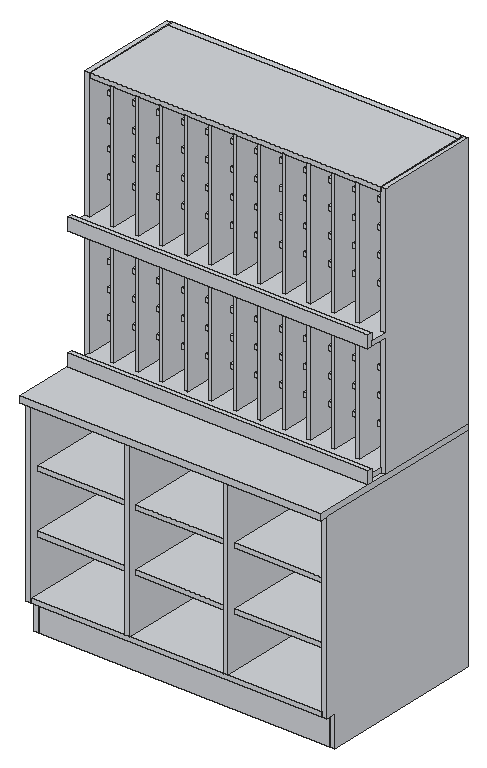
Revit family "CAB0794", category Specialty Equipment, Revit 2017
Family settings
  Round Connector Dimension = Use Diameter
  Part Type = Normal
  Work Plane-Based = No
  Always vertical = Yes
  Cut with Voids When Loaded = No
  Shared = No
  Room Calculation Point = No
Parameters
  WIDTH = 49"
  WEIGHT = 0.00 lbf
  WEGMANS UNIVERSAL UNIQUE ID [instance] = ""
  UNIFORMAT NUMBER = ""
  Type Comments = ""
  TOP UPPER [instance] = none
  TOP LOWER [instance] = none
  SIDE SECONDARY [instance] = none
  SIDE PRIMARY [instance] = none
  SERIAL NUMBER [instance] = ""
  E CODE ROTATED [instance] = no
  ROOM NAME [instance] = ""
  REPLACEMENT E CODE = ""
  RELOCATED [instance] = no
  REAR INTERIOR [instance] = none
  REAR [instance] = none
  PURCHASE QUANTITY = 1
  PULL [instance] = none
  PROCUREMENT METHOD = ""
  PREVENTITIVE MAINTENANCE SCHEDULE [instance] = ""
  PREFERRED SUPPLIER = ""
  PO NUMBER [instance] = 0
  PO DUE DATE [instance] = ""
  PART SECONDARY COMMODITY CODE DESCRIPTION = ""
  PART SECONDARY COMMODITY CODE = ""
  PART CLASS DESCRIPTION = ""
  ORDERING STATUS [instance] = ""
  OEM DOCUMENTATION [instance] = ""
  E CODE NOT ROTATED [instance] = not(E CODE ROTATED)  # yes
  Model = ""
  Material Finish = none
  Manufacturer = "CMS"
  MODEL NUMBER = ""
  MATERIAL [instance] = none
  MASTERFORMAT NUMBER = ""
  MANUFACTURER'S PART DESCRIPTION = ""
  MANUFACTURER = ""
  LABEL OFFSET 2 [instance] = 50"
  LABEL OFFSET [instance] = 50"
  KICK [instance] = none
  ITEM WARRANTY [instance] = ""
  IMAGES = ""
  HEIGHT = 78"
  FRONT SECONDARY [instance] = none
  FRONT PRIMARY [instance] = none
  FRONT INTERIOR [instance] = none
  FLOOR [instance] = ""
  FINISHES SPECIFICATION REQUIRED = yes
  FINISH NAME [instance] = ""
  FINISH DESCRIPTION [instance] = ""
  EXPECTED DELIVERY DATE [instance] = ""
  EQUIPMENT TRANSFER NOTES [instance] = ""
  EQUIPMENT TRANSFER [instance] = no
  EQUIPMENT CATEGORY = ""
  EQUIPMENT (ASSET) CLASS = ""
  EAM PART NUMBER = ""
  E CODE = ""
  Description = ""
  DISCONTINUED INDICATOR = no
  DISCONTINUATION REASON = ""
  DEPTH = 30"
  DEPARTMENT NUMBER [instance] = ""
  DEPARTMENT DESCRIPTION [instance] = ""
  CUT SHEETS = ""
  CURRENT COST [instance] = 0
  COUNT = 0
  COST CODE [instance] = ""
  CONSTRUCTION GROUP = ""
  COMMNETS [instance] = ""
  BUMPER [instance] = none
  BOOT [instance] = none
  ASSET TAG NUMBER [instance] = ""
  ACCESSORY SPECIFICATION REQUIRED = no
Reference planes (in)
  plane 1 "Center (Front/Back)": y = 0
  plane 2: z = 0
  plane 3 "Center (Left/Right)": x = 0
  plane 4: x = -24.5
  plane 5: x = 24.5
  plane 6 "FRONT": y = -15
  plane 7 "BACK": y = 15
  plane 8: z = 78
  plane 9: x = -50
  plane 10: y = 50
  plane 11: x = 0
  plane 12: y = 0
  plane 13: z = 5.75
  plane 14: x = -23.75
  plane 15: x = -23
  plane 16: z = 58.25
  plane 17: z = 56.25
  plane 18: z = 37.75
  plane 19: z = 35.75
  plane 20: z = 34.75
  plane 21: y = -1.75
  plane 22: y = -5.25
  plane 23: y = -4.5
Forms (in)
  Extrusion 1, solid
    sketch origin (0, 0, 0) x (0, 1, 0) y (0, 0, 1)
      loop
        line (15, 36.25) -> (15, 78) -> (-1.75, 78) -> (-1.75, 36.25) -> (15, 36.25)
    from -24.5 to -23.75
  Extrusion 2, solid
    sketch origin (0, 0, 0) x (0, 1, 0) y (0, 0, 1)
      loop
        line (15, 36.25) -> (-15, 36.25) -> (-15, 35.25) -> (15, 35.25) -> (15, 36.25)
    from -24.5 to 24.5
  Extrusion 3, solid
    sketch origin (0, 0, 0) x (0, 1, 0) y (0, 0, 1)
      loop
        line (15, 35.25) -> (-13.75, 35.25) -> (-13.75, 5.75) -> (-12.14744, 5.75) -> (-12.14744, 0.75) -> (15, 0.75) -> (15, 35.25)
    from -24.5 to -23.75
  Extrusion 4, solid
    sketch origin (0, 0, 0) x (0, 1, 0) y (0, 0, 1)
      loop
        line (-4.5, 36.25) -> (-4.5, 38.25) -> (-5.25, 38.25) -> (-5.25, 36.25) -> (-4.5, 36.25)
    from -24.5 to 24.5
  Extrusion 5, solid
    sketch origin (0, 0, -0.33499) x (0, 1, 0) y (0, 0, 1)
      loop
        line (-4.5, 36.58499) -> (15, 36.58499) -> (15, 37.33499) -> (-4.5, 37.33499) -> (-4.5, 36.58499)
    from -23.75 to 23.75
  Extrusion 6, solid
    sketch origin (0, 0, 0) x (0, 1, 0) y (0, 0, 1)
      loop
        line (15, 78) -> (14.25, 78) -> (14.25, 36.25) -> (15, 36.25) -> (15, 78)
    from -23.75 to 23.75
  Extrusion 7, solid
    sketch origin (0, 0, 0) x (0, 1, 0) y (0, 0, 1)
      loop
        line (14.25, 78) -> (-1.75, 78) -> (-1.75, 77.25) -> (14.25, 77.25) -> (14.25, 78)
    from -23.75 to 23.75
  Extrusion 8, solid
    sketch origin (0, 0, 0) x (0, 1, 0) y (0, 0, 1)
      loop
        line (14.25, 73.9) -> (1.75, 73.9) -> (1.75, 73.15) -> (14.25, 73.15) -> (14.25, 73.9)
      loop
        line (1.75, 69.8) -> (1.75, 69.05) -> (14.25, 69.05) -> (14.25, 69.8) -> (1.75, 69.8)
      loop
        line (1.75, 65.7) -> (1.75, 64.95) -> (14.25, 64.95) -> (14.25, 65.7) -> (1.75, 65.7)
      loop
        line (1.75, 61.6) -> (1.75, 60.85) -> (14.25, 60.85) -> (14.25, 61.6) -> (1.75, 61.6)
      loop
        line (1.75, 53.4) -> (1.75, 52.65) -> (14.25, 52.65) -> (14.25, 53.4) -> (1.75, 53.4)
      loop
        line (1.75, 49.3) -> (1.75, 48.55) -> (14.25, 48.55) -> (14.25, 49.3) -> (1.75, 49.3)
      loop
        line (1.75, 45.2) -> (1.75, 44.45) -> (14.25, 44.45) -> (14.25, 45.2) -> (1.75, 45.2)
      loop
        line (1.75, 41.1) -> (1.75, 40.35) -> (14.25, 40.35) -> (14.25, 41.1) -> (1.75, 41.1)
    from -23.75 to -23
  Extrusion 9, solid
    sketch origin (0, 0, 0) x (0, 1, 0) y (0, 0, 1)
      loop
        line (15, 35.25) -> (14.25, 35.25) -> (14.25, 0.75) -> (15, 0.75) -> (15, 35.25)
    from -23.75 to 23.75
  Extrusion 10, solid
    sketch origin (0, 0, 0) x (0, 1, 0) y (0, 0, 1)
      loop
        line (-13.75, 5.75) -> (14.25, 5.75) -> (14.25, 6.5) -> (-13.75, 6.5) -> (-13.75, 5.75)
    from -23.75 to 23.75
  Extrusion 11, solid
    sketch origin (0, 0, 0) x (0, 1, 0) y (0, 0, 1)
      loop
        line (-4.5, 56.13795) -> (14.25, 56.13795) -> (14.25, 56.88795) -> (-4.5, 56.88795) -> (-4.5, 56.13795)
    from -24.5 to 24.5
  Extrusion 12, solid
    sketch origin (0, 0, 0) x (1, 0, 0) y (0, 0, 1)
      loop
        line (-20.25, 77.25) -> (-20.25, 56.88795) -> (-19.75, 56.88795) -> (-19.75, 77.25) -> (-20.25, 77.25)
      loop
        line (-16.25, 77.25) -> (-16.25, 56.88795) -> (-15.75, 56.88795) -> (-15.75, 77.25) -> (-16.25, 77.25)
      loop
        line (-12.25, 77.25) -> (-12.25, 56.88795) -> (-11.75, 56.88795) -> (-11.75, 77.25) -> (-12.25, 77.25)
      loop
        line (3.75, 77.25) -> (3.75, 56.88795) -> (4.25, 56.88795) -> (4.25, 77.25) -> (3.75, 77.25)
      loop
        line (7.75, 77.25) -> (7.75, 56.88795) -> (8.25, 56.88795) -> (8.25, 77.25) -> (7.75, 77.25)
      loop
        line (11.75, 77.25) -> (11.75, 56.88795) -> (12.25, 56.88795) -> (12.25, 77.25) -> (11.75, 77.25)
      loop
        line (15.75, 77.25) -> (15.75, 56.88795) -> (16.25, 56.88795) -> (16.25, 77.25) -> (15.75, 77.25)
      loop
        line (19.75, 77.25) -> (19.75, 56.88795) -> (20.25, 56.88795) -> (20.25, 77.25) -> (19.75, 77.25)
      loop
        line (-20.25, 56.13795) -> (-20.25, 37) -> (-19.75, 37) -> (-19.75, 56.13795) -> (-20.25, 56.13795)
      loop
        line (-16.25, 56.13795) -> (-16.25, 37) -> (-15.75, 37) -> (-15.75, 56.13795) -> (-16.25, 56.13795)
      loop
        line (-12.25, 56.13795) -> (-12.25, 37) -> (-11.75, 37) -> (-11.75, 56.13795) -> (-12.25, 56.13795)
      loop
        line (3.75, 56.13795) -> (3.75, 37) -> (4.25, 37) -> (4.25, 56.13795) -> (3.75, 56.13795)
      loop
        line (7.75, 56.13795) -> (7.75, 37) -> (8.25, 37) -> (8.25, 56.13795) -> (7.75, 56.13795)
      loop
        line (11.75, 56.13795) -> (11.75, 37) -> (12.25, 37) -> (12.25, 56.13795) -> (11.75, 56.13795)
      loop
        line (15.75, 56.13795) -> (15.75, 37) -> (16.25, 37) -> (16.25, 56.13795) -> (15.75, 56.13795)
      loop
        line (19.75, 56.13795) -> (19.75, 37) -> (20.25, 37) -> (20.25, 56.13795) -> (19.75, 56.13795)
      loop
        line (-8.25, 77.25) -> (-8.25, 56.88795) -> (-7.75, 56.88795) -> (-7.75, 77.25) -> (-8.25, 77.25)
      loop
        line (-8.25, 56.13795) -> (-8.25, 37) -> (-7.75, 37) -> (-7.75, 56.13795) -> (-8.25, 56.13795)
      loop
        line (-4.25, 77.25) -> (-4.25, 56.88795) -> (-3.75, 56.88795) -> (-3.75, 77.25) -> (-4.25, 77.25)
      loop
        line (-4.25, 56.13795) -> (-4.25, 37) -> (-3.75, 37) -> (-3.75, 56.13795) -> (-4.25, 56.13795)
      loop
        line (-0.25, 77.25) -> (-0.25, 56.88795) -> (0.25, 56.88795) -> (0.25, 77.25) -> (-0.25, 77.25)
      loop
        line (-0.25, 56.13795) -> (-0.25, 37) -> (0.25, 37) -> (0.25, 56.13795) -> (-0.25, 56.13795)
    from -14.25 to 1.75
  Extrusion 13, solid
    sketch origin (0, 0, 0) x (0, 1, 0) y (0, 0, -1)
      loop
        line (15, -36.25) -> (-1.75, -36.25) -> (-1.75, -78) -> (15, -78) -> (15, -36.25)
    from -24.5 to -23.75
  Extrusion 14, solid
    sketch origin (2.75, 0, 0) x (0, 1, 0) y (0, 0, 1)
      loop
        line (14.25, 73.9) -> (1.75, 73.9) -> (1.75, 73.15) -> (14.25, 73.15) -> (14.25, 73.9)
      loop
        line (1.75, 69.8) -> (1.75, 69.05) -> (14.25, 69.05) -> (14.25, 69.8) -> (1.75, 69.8)
      loop
        line (1.75, 65.7) -> (1.75, 64.95) -> (14.25, 64.95) -> (14.25, 65.7) -> (1.75, 65.7)
      loop
        line (1.75, 61.6) -> (1.75, 60.85) -> (14.25, 60.85) -> (14.25, 61.6) -> (1.75, 61.6)
      loop
        line (1.75, 53.4) -> (1.75, 52.65) -> (14.25, 52.65) -> (14.25, 53.4) -> (1.75, 53.4)
      loop
        line (1.75, 49.3) -> (1.75, 48.55) -> (14.25, 48.55) -> (14.25, 49.3) -> (1.75, 49.3)
      loop
        line (1.75, 45.2) -> (1.75, 44.45) -> (14.25, 44.45) -> (14.25, 45.2) -> (1.75, 45.2)
      loop
        line (1.75, 41.1) -> (1.75, 40.35) -> (14.25, 40.35) -> (14.25, 41.1) -> (1.75, 41.1)
    from -23.75 to -23
  Extrusion 15, solid
    sketch origin (4, 0, 0) x (0, 1, 0) y (0, 0, 1)
      loop
        line (14.25, 73.9) -> (1.75, 73.9) -> (1.75, 73.15) -> (14.25, 73.15) -> (14.25, 73.9)
      loop
        line (1.75, 69.8) -> (1.75, 69.05) -> (14.25, 69.05) -> (14.25, 69.8) -> (1.75, 69.8)
      loop
        line (1.75, 65.7) -> (1.75, 64.95) -> (14.25, 64.95) -> (14.25, 65.7) -> (1.75, 65.7)
      loop
        line (1.75, 61.6) -> (1.75, 60.85) -> (14.25, 60.85) -> (14.25, 61.6) -> (1.75, 61.6)
      loop
        line (1.75, 53.4) -> (1.75, 52.65) -> (14.25, 52.65) -> (14.25, 53.4) -> (1.75, 53.4)
      loop
        line (1.75, 49.3) -> (1.75, 48.55) -> (14.25, 48.55) -> (14.25, 49.3) -> (1.75, 49.3)
      loop
        line (1.75, 45.2) -> (1.75, 44.45) -> (14.25, 44.45) -> (14.25, 45.2) -> (1.75, 45.2)
      loop
        line (1.75, 41.1) -> (1.75, 40.35) -> (14.25, 40.35) -> (14.25, 41.1) -> (1.75, 41.1)
    from -23.75 to -23
  Extrusion 16, solid
    sketch origin (6.75, 0, 0) x (0, 1, 0) y (0, 0, 1)
      loop
        line (14.25, 73.9) -> (1.75, 73.9) -> (1.75, 73.15) -> (14.25, 73.15) -> (14.25, 73.9)
      loop
        line (1.75, 69.8) -> (1.75, 69.05) -> (14.25, 69.05) -> (14.25, 69.8) -> (1.75, 69.8)
      loop
        line (1.75, 65.7) -> (1.75, 64.95) -> (14.25, 64.95) -> (14.25, 65.7) -> (1.75, 65.7)
      loop
        line (1.75, 61.6) -> (1.75, 60.85) -> (14.25, 60.85) -> (14.25, 61.6) -> (1.75, 61.6)
      loop
        line (1.75, 53.4) -> (1.75, 52.65) -> (14.25, 52.65) -> (14.25, 53.4) -> (1.75, 53.4)
      loop
        line (1.75, 49.3) -> (1.75, 48.55) -> (14.25, 48.55) -> (14.25, 49.3) -> (1.75, 49.3)
      loop
        line (1.75, 45.2) -> (1.75, 44.45) -> (14.25, 44.45) -> (14.25, 45.2) -> (1.75, 45.2)
      loop
        line (1.75, 41.1) -> (1.75, 40.35) -> (14.25, 40.35) -> (14.25, 41.1) -> (1.75, 41.1)
    from -23.75 to -23
  Extrusion 17, solid
    sketch origin (8, 0, 0) x (0, 1, 0) y (0, 0, 1)
      loop
        line (14.25, 73.9) -> (1.75, 73.9) -> (1.75, 73.15) -> (14.25, 73.15) -> (14.25, 73.9)
      loop
        line (1.75, 69.8) -> (1.75, 69.05) -> (14.25, 69.05) -> (14.25, 69.8) -> (1.75, 69.8)
      loop
        line (1.75, 65.7) -> (1.75, 64.95) -> (14.25, 64.95) -> (14.25, 65.7) -> (1.75, 65.7)
      loop
        line (1.75, 61.6) -> (1.75, 60.85) -> (14.25, 60.85) -> (14.25, 61.6) -> (1.75, 61.6)
      loop
        line (1.75, 53.4) -> (1.75, 52.65) -> (14.25, 52.65) -> (14.25, 53.4) -> (1.75, 53.4)
      loop
        line (1.75, 49.3) -> (1.75, 48.55) -> (14.25, 48.55) -> (14.25, 49.3) -> (1.75, 49.3)
      loop
        line (1.75, 45.2) -> (1.75, 44.45) -> (14.25, 44.45) -> (14.25, 45.2) -> (1.75, 45.2)
      loop
        line (1.75, 41.1) -> (1.75, 40.35) -> (14.25, 40.35) -> (14.25, 41.1) -> (1.75, 41.1)
    from -23.75 to -23
  Extrusion 18, solid
    sketch origin (10.75, 0, 0) x (0, 1, 0) y (0, 0, 1)
      loop
        line (14.25, 73.9) -> (1.75, 73.9) -> (1.75, 73.15) -> (14.25, 73.15) -> (14.25, 73.9)
      loop
        line (1.75, 69.8) -> (1.75, 69.05) -> (14.25, 69.05) -> (14.25, 69.8) -> (1.75, 69.8)
      loop
        line (1.75, 65.7) -> (1.75, 64.95) -> (14.25, 64.95) -> (14.25, 65.7) -> (1.75, 65.7)
      loop
        line (1.75, 61.6) -> (1.75, 60.85) -> (14.25, 60.85) -> (14.25, 61.6) -> (1.75, 61.6)
      loop
        line (1.75, 53.4) -> (1.75, 52.65) -> (14.25, 52.65) -> (14.25, 53.4) -> (1.75, 53.4)
      loop
        line (1.75, 49.3) -> (1.75, 48.55) -> (14.25, 48.55) -> (14.25, 49.3) -> (1.75, 49.3)
      loop
        line (1.75, 45.2) -> (1.75, 44.45) -> (14.25, 44.45) -> (14.25, 45.2) -> (1.75, 45.2)
      loop
        line (1.75, 41.1) -> (1.75, 40.35) -> (14.25, 40.35) -> (14.25, 41.1) -> (1.75, 41.1)
    from -23.75 to -23
  Extrusion 19, solid
    sketch origin (12, 0, 0) x (0, 1, 0) y (0, 0, 1)
      loop
        line (14.25, 73.9) -> (1.75, 73.9) -> (1.75, 73.15) -> (14.25, 73.15) -> (14.25, 73.9)
      loop
        line (1.75, 69.8) -> (1.75, 69.05) -> (14.25, 69.05) -> (14.25, 69.8) -> (1.75, 69.8)
      loop
        line (1.75, 65.7) -> (1.75, 64.95) -> (14.25, 64.95) -> (14.25, 65.7) -> (1.75, 65.7)
      loop
        line (1.75, 61.6) -> (1.75, 60.85) -> (14.25, 60.85) -> (14.25, 61.6) -> (1.75, 61.6)
      loop
        line (1.75, 53.4) -> (1.75, 52.65) -> (14.25, 52.65) -> (14.25, 53.4) -> (1.75, 53.4)
      loop
        line (1.75, 49.3) -> (1.75, 48.55) -> (14.25, 48.55) -> (14.25, 49.3) -> (1.75, 49.3)
      loop
        line (1.75, 45.2) -> (1.75, 44.45) -> (14.25, 44.45) -> (14.25, 45.2) -> (1.75, 45.2)
      loop
        line (1.75, 41.1) -> (1.75, 40.35) -> (14.25, 40.35) -> (14.25, 41.1) -> (1.75, 41.1)
    from -23.75 to -23
  Extrusion 20, solid
    sketch origin (14.75, 0, 0) x (0, 1, 0) y (0, 0, 1)
      loop
        line (14.25, 73.9) -> (1.75, 73.9) -> (1.75, 73.15) -> (14.25, 73.15) -> (14.25, 73.9)
      loop
        line (1.75, 69.8) -> (1.75, 69.05) -> (14.25, 69.05) -> (14.25, 69.8) -> (1.75, 69.8)
      loop
        line (1.75, 65.7) -> (1.75, 64.95) -> (14.25, 64.95) -> (14.25, 65.7) -> (1.75, 65.7)
      loop
        line (1.75, 61.6) -> (1.75, 60.85) -> (14.25, 60.85) -> (14.25, 61.6) -> (1.75, 61.6)
      loop
        line (1.75, 53.4) -> (1.75, 52.65) -> (14.25, 52.65) -> (14.25, 53.4) -> (1.75, 53.4)
      loop
        line (1.75, 49.3) -> (1.75, 48.55) -> (14.25, 48.55) -> (14.25, 49.3) -> (1.75, 49.3)
      loop
        line (1.75, 45.2) -> (1.75, 44.45) -> (14.25, 44.45) -> (14.25, 45.2) -> (1.75, 45.2)
      loop
        line (1.75, 41.1) -> (1.75, 40.35) -> (14.25, 40.35) -> (14.25, 41.1) -> (1.75, 41.1)
    from -23.75 to -23
  Extrusion 21, solid
    sketch origin (16, 0, 0) x (0, 1, 0) y (0, 0, 1)
      loop
        line (14.25, 73.9) -> (1.75, 73.9) -> (1.75, 73.15) -> (14.25, 73.15) -> (14.25, 73.9)
      loop
        line (1.75, 69.8) -> (1.75, 69.05) -> (14.25, 69.05) -> (14.25, 69.8) -> (1.75, 69.8)
      loop
        line (1.75, 65.7) -> (1.75, 64.95) -> (14.25, 64.95) -> (14.25, 65.7) -> (1.75, 65.7)
      loop
        line (1.75, 61.6) -> (1.75, 60.85) -> (14.25, 60.85) -> (14.25, 61.6) -> (1.75, 61.6)
      loop
        line (1.75, 53.4) -> (1.75, 52.65) -> (14.25, 52.65) -> (14.25, 53.4) -> (1.75, 53.4)
      loop
        line (1.75, 49.3) -> (1.75, 48.55) -> (14.25, 48.55) -> (14.25, 49.3) -> (1.75, 49.3)
      loop
        line (1.75, 45.2) -> (1.75, 44.45) -> (14.25, 44.45) -> (14.25, 45.2) -> (1.75, 45.2)
      loop
        line (1.75, 41.1) -> (1.75, 40.35) -> (14.25, 40.35) -> (14.25, 41.1) -> (1.75, 41.1)
    from -23.75 to -23
  Extrusion 22, solid
    sketch origin (18.75, 0, 0) x (0, 1, 0) y (0, 0, 1)
      loop
        line (14.25, 73.9) -> (1.75, 73.9) -> (1.75, 73.15) -> (14.25, 73.15) -> (14.25, 73.9)
      loop
        line (1.75, 69.8) -> (1.75, 69.05) -> (14.25, 69.05) -> (14.25, 69.8) -> (1.75, 69.8)
      loop
        line (1.75, 65.7) -> (1.75, 64.95) -> (14.25, 64.95) -> (14.25, 65.7) -> (1.75, 65.7)
      loop
        line (1.75, 61.6) -> (1.75, 60.85) -> (14.25, 60.85) -> (14.25, 61.6) -> (1.75, 61.6)
      loop
        line (1.75, 53.4) -> (1.75, 52.65) -> (14.25, 52.65) -> (14.25, 53.4) -> (1.75, 53.4)
      loop
        line (1.75, 49.3) -> (1.75, 48.55) -> (14.25, 48.55) -> (14.25, 49.3) -> (1.75, 49.3)
      loop
        line (1.75, 45.2) -> (1.75, 44.45) -> (14.25, 44.45) -> (14.25, 45.2) -> (1.75, 45.2)
      loop
        line (1.75, 41.1) -> (1.75, 40.35) -> (14.25, 40.35) -> (14.25, 41.1) -> (1.75, 41.1)
    from -23.75 to -23
  Extrusion 23, solid
    sketch origin (20, 0, 0) x (0, 1, 0) y (0, 0, 1)
      loop
        line (14.25, 73.9) -> (1.75, 73.9) -> (1.75, 73.15) -> (14.25, 73.15) -> (14.25, 73.9)
      loop
        line (1.75, 69.8) -> (1.75, 69.05) -> (14.25, 69.05) -> (14.25, 69.8) -> (1.75, 69.8)
      loop
        line (1.75, 65.7) -> (1.75, 64.95) -> (14.25, 64.95) -> (14.25, 65.7) -> (1.75, 65.7)
      loop
        line (1.75, 61.6) -> (1.75, 60.85) -> (14.25, 60.85) -> (14.25, 61.6) -> (1.75, 61.6)
      loop
        line (1.75, 53.4) -> (1.75, 52.65) -> (14.25, 52.65) -> (14.25, 53.4) -> (1.75, 53.4)
      loop
        line (1.75, 49.3) -> (1.75, 48.55) -> (14.25, 48.55) -> (14.25, 49.3) -> (1.75, 49.3)
      loop
        line (1.75, 45.2) -> (1.75, 44.45) -> (14.25, 44.45) -> (14.25, 45.2) -> (1.75, 45.2)
      loop
        line (1.75, 41.1) -> (1.75, 40.35) -> (14.25, 40.35) -> (14.25, 41.1) -> (1.75, 41.1)
    from -23.75 to -23
  Extrusion 24, solid
    sketch origin (22.75, 0, 0) x (0, 1, 0) y (0, 0, 1)
      loop
        line (14.25, 73.9) -> (1.75, 73.9) -> (1.75, 73.15) -> (14.25, 73.15) -> (14.25, 73.9)
      loop
        line (1.75, 69.8) -> (1.75, 69.05) -> (14.25, 69.05) -> (14.25, 69.8) -> (1.75, 69.8)
      loop
        line (1.75, 65.7) -> (1.75, 64.95) -> (14.25, 64.95) -> (14.25, 65.7) -> (1.75, 65.7)
      loop
        line (1.75, 61.6) -> (1.75, 60.85) -> (14.25, 60.85) -> (14.25, 61.6) -> (1.75, 61.6)
      loop
        line (1.75, 53.4) -> (1.75, 52.65) -> (14.25, 52.65) -> (14.25, 53.4) -> (1.75, 53.4)
      loop
        line (1.75, 49.3) -> (1.75, 48.55) -> (14.25, 48.55) -> (14.25, 49.3) -> (1.75, 49.3)
      loop
        line (1.75, 45.2) -> (1.75, 44.45) -> (14.25, 44.45) -> (14.25, 45.2) -> (1.75, 45.2)
      loop
        line (1.75, 41.1) -> (1.75, 40.35) -> (14.25, 40.35) -> (14.25, 41.1) -> (1.75, 41.1)
    from -23.75 to -23
  Extrusion 25, solid
    sketch origin (24, 0, 0) x (0, 1, 0) y (0, 0, 1)
      loop
        line (14.25, 73.9) -> (1.75, 73.9) -> (1.75, 73.15) -> (14.25, 73.15) -> (14.25, 73.9)
      loop
        line (1.75, 69.8) -> (1.75, 69.05) -> (14.25, 69.05) -> (14.25, 69.8) -> (1.75, 69.8)
      loop
        line (1.75, 65.7) -> (1.75, 64.95) -> (14.25, 64.95) -> (14.25, 65.7) -> (1.75, 65.7)
      loop
        line (1.75, 61.6) -> (1.75, 60.85) -> (14.25, 60.85) -> (14.25, 61.6) -> (1.75, 61.6)
      loop
        line (1.75, 53.4) -> (1.75, 52.65) -> (14.25, 52.65) -> (14.25, 53.4) -> (1.75, 53.4)
      loop
        line (1.75, 49.3) -> (1.75, 48.55) -> (14.25, 48.55) -> (14.25, 49.3) -> (1.75, 49.3)
      loop
        line (1.75, 45.2) -> (1.75, 44.45) -> (14.25, 44.45) -> (14.25, 45.2) -> (1.75, 45.2)
      loop
        line (1.75, 41.1) -> (1.75, 40.35) -> (14.25, 40.35) -> (14.25, 41.1) -> (1.75, 41.1)
    from -23.75 to -23
  Extrusion 26, solid
    sketch origin (26.75, 0, 0) x (0, 1, 0) y (0, 0, 1)
      loop
        line (14.25, 73.9) -> (1.75, 73.9) -> (1.75, 73.15) -> (14.25, 73.15) -> (14.25, 73.9)
      loop
        line (1.75, 69.8) -> (1.75, 69.05) -> (14.25, 69.05) -> (14.25, 69.8) -> (1.75, 69.8)
      loop
        line (1.75, 65.7) -> (1.75, 64.95) -> (14.25, 64.95) -> (14.25, 65.7) -> (1.75, 65.7)
      loop
        line (1.75, 61.6) -> (1.75, 60.85) -> (14.25, 60.85) -> (14.25, 61.6) -> (1.75, 61.6)
      loop
        line (1.75, 53.4) -> (1.75, 52.65) -> (14.25, 52.65) -> (14.25, 53.4) -> (1.75, 53.4)
      loop
        line (1.75, 49.3) -> (1.75, 48.55) -> (14.25, 48.55) -> (14.25, 49.3) -> (1.75, 49.3)
      loop
        line (1.75, 45.2) -> (1.75, 44.45) -> (14.25, 44.45) -> (14.25, 45.2) -> (1.75, 45.2)
      loop
        line (1.75, 41.1) -> (1.75, 40.35) -> (14.25, 40.35) -> (14.25, 41.1) -> (1.75, 41.1)
    from -23.75 to -23
  Extrusion 27, solid
    sketch origin (28, 0, 0) x (0, 1, 0) y (0, 0, 1)
      loop
        line (14.25, 73.9) -> (1.75, 73.9) -> (1.75, 73.15) -> (14.25, 73.15) -> (14.25, 73.9)
      loop
        line (1.75, 69.8) -> (1.75, 69.05) -> (14.25, 69.05) -> (14.25, 69.8) -> (1.75, 69.8)
      loop
        line (1.75, 65.7) -> (1.75, 64.95) -> (14.25, 64.95) -> (14.25, 65.7) -> (1.75, 65.7)
      loop
        line (1.75, 61.6) -> (1.75, 60.85) -> (14.25, 60.85) -> (14.25, 61.6) -> (1.75, 61.6)
      loop
        line (1.75, 53.4) -> (1.75, 52.65) -> (14.25, 52.65) -> (14.25, 53.4) -> (1.75, 53.4)
      loop
        line (1.75, 49.3) -> (1.75, 48.55) -> (14.25, 48.55) -> (14.25, 49.3) -> (1.75, 49.3)
      loop
        line (1.75, 45.2) -> (1.75, 44.45) -> (14.25, 44.45) -> (14.25, 45.2) -> (1.75, 45.2)
      loop
        line (1.75, 41.1) -> (1.75, 40.35) -> (14.25, 40.35) -> (14.25, 41.1) -> (1.75, 41.1)
    from -23.75 to -23
  Extrusion 28, solid
    sketch origin (30.75, 0, 0) x (0, 1, 0) y (0, 0, 1)
      loop
        line (14.25, 73.9) -> (1.75, 73.9) -> (1.75, 73.15) -> (14.25, 73.15) -> (14.25, 73.9)
      loop
        line (1.75, 69.8) -> (1.75, 69.05) -> (14.25, 69.05) -> (14.25, 69.8) -> (1.75, 69.8)
      loop
        line (1.75, 65.7) -> (1.75, 64.95) -> (14.25, 64.95) -> (14.25, 65.7) -> (1.75, 65.7)
      loop
        line (1.75, 61.6) -> (1.75, 60.85) -> (14.25, 60.85) -> (14.25, 61.6) -> (1.75, 61.6)
      loop
        line (1.75, 53.4) -> (1.75, 52.65) -> (14.25, 52.65) -> (14.25, 53.4) -> (1.75, 53.4)
      loop
        line (1.75, 49.3) -> (1.75, 48.55) -> (14.25, 48.55) -> (14.25, 49.3) -> (1.75, 49.3)
      loop
        line (1.75, 45.2) -> (1.75, 44.45) -> (14.25, 44.45) -> (14.25, 45.2) -> (1.75, 45.2)
      loop
        line (1.75, 41.1) -> (1.75, 40.35) -> (14.25, 40.35) -> (14.25, 41.1) -> (1.75, 41.1)
    from -23.75 to -23
  Extrusion 29, solid
    sketch origin (32, 0, 0) x (0, 1, 0) y (0, 0, 1)
      loop
        line (14.25, 73.9) -> (1.75, 73.9) -> (1.75, 73.15) -> (14.25, 73.15) -> (14.25, 73.9)
      loop
        line (1.75, 69.8) -> (1.75, 69.05) -> (14.25, 69.05) -> (14.25, 69.8) -> (1.75, 69.8)
      loop
        line (1.75, 65.7) -> (1.75, 64.95) -> (14.25, 64.95) -> (14.25, 65.7) -> (1.75, 65.7)
      loop
        line (1.75, 61.6) -> (1.75, 60.85) -> (14.25, 60.85) -> (14.25, 61.6) -> (1.75, 61.6)
      loop
        line (1.75, 53.4) -> (1.75, 52.65) -> (14.25, 52.65) -> (14.25, 53.4) -> (1.75, 53.4)
      loop
        line (1.75, 49.3) -> (1.75, 48.55) -> (14.25, 48.55) -> (14.25, 49.3) -> (1.75, 49.3)
      loop
        line (1.75, 45.2) -> (1.75, 44.45) -> (14.25, 44.45) -> (14.25, 45.2) -> (1.75, 45.2)
      loop
        line (1.75, 41.1) -> (1.75, 40.35) -> (14.25, 40.35) -> (14.25, 41.1) -> (1.75, 41.1)
    from -23.75 to -23
  Extrusion 30, solid
    sketch origin (34.75, 0, 0) x (0, 1, 0) y (0, 0, 1)
      loop
        line (14.25, 73.9) -> (1.75, 73.9) -> (1.75, 73.15) -> (14.25, 73.15) -> (14.25, 73.9)
      loop
        line (1.75, 69.8) -> (1.75, 69.05) -> (14.25, 69.05) -> (14.25, 69.8) -> (1.75, 69.8)
      loop
        line (1.75, 65.7) -> (1.75, 64.95) -> (14.25, 64.95) -> (14.25, 65.7) -> (1.75, 65.7)
      loop
        line (1.75, 61.6) -> (1.75, 60.85) -> (14.25, 60.85) -> (14.25, 61.6) -> (1.75, 61.6)
      loop
        line (1.75, 53.4) -> (1.75, 52.65) -> (14.25, 52.65) -> (14.25, 53.4) -> (1.75, 53.4)
      loop
        line (1.75, 49.3) -> (1.75, 48.55) -> (14.25, 48.55) -> (14.25, 49.3) -> (1.75, 49.3)
      loop
        line (1.75, 45.2) -> (1.75, 44.45) -> (14.25, 44.45) -> (14.25, 45.2) -> (1.75, 45.2)
      loop
        line (1.75, 41.1) -> (1.75, 40.35) -> (14.25, 40.35) -> (14.25, 41.1) -> (1.75, 41.1)
    from -23.75 to -23
  Extrusion 31, solid
    sketch origin (36, 0, 0) x (0, 1, 0) y (0, 0, 1)
      loop
        line (14.25, 73.9) -> (1.75, 73.9) -> (1.75, 73.15) -> (14.25, 73.15) -> (14.25, 73.9)
      loop
        line (1.75, 69.8) -> (1.75, 69.05) -> (14.25, 69.05) -> (14.25, 69.8) -> (1.75, 69.8)
      loop
        line (1.75, 65.7) -> (1.75, 64.95) -> (14.25, 64.95) -> (14.25, 65.7) -> (1.75, 65.7)
      loop
        line (1.75, 61.6) -> (1.75, 60.85) -> (14.25, 60.85) -> (14.25, 61.6) -> (1.75, 61.6)
      loop
        line (1.75, 53.4) -> (1.75, 52.65) -> (14.25, 52.65) -> (14.25, 53.4) -> (1.75, 53.4)
      loop
        line (1.75, 49.3) -> (1.75, 48.55) -> (14.25, 48.55) -> (14.25, 49.3) -> (1.75, 49.3)
      loop
        line (1.75, 45.2) -> (1.75, 44.45) -> (14.25, 44.45) -> (14.25, 45.2) -> (1.75, 45.2)
      loop
        line (1.75, 41.1) -> (1.75, 40.35) -> (14.25, 40.35) -> (14.25, 41.1) -> (1.75, 41.1)
    from -23.75 to -23
  Extrusion 32, solid
    sketch origin (38.75, 0, 0) x (0, 1, 0) y (0, 0, 1)
      loop
        line (14.25, 73.9) -> (1.75, 73.9) -> (1.75, 73.15) -> (14.25, 73.15) -> (14.25, 73.9)
      loop
        line (1.75, 69.8) -> (1.75, 69.05) -> (14.25, 69.05) -> (14.25, 69.8) -> (1.75, 69.8)
      loop
        line (1.75, 65.7) -> (1.75, 64.95) -> (14.25, 64.95) -> (14.25, 65.7) -> (1.75, 65.7)
      loop
        line (1.75, 61.6) -> (1.75, 60.85) -> (14.25, 60.85) -> (14.25, 61.6) -> (1.75, 61.6)
      loop
        line (1.75, 53.4) -> (1.75, 52.65) -> (14.25, 52.65) -> (14.25, 53.4) -> (1.75, 53.4)
      loop
        line (1.75, 49.3) -> (1.75, 48.55) -> (14.25, 48.55) -> (14.25, 49.3) -> (1.75, 49.3)
      loop
        line (1.75, 45.2) -> (1.75, 44.45) -> (14.25, 44.45) -> (14.25, 45.2) -> (1.75, 45.2)
      loop
        line (1.75, 41.1) -> (1.75, 40.35) -> (14.25, 40.35) -> (14.25, 41.1) -> (1.75, 41.1)
    from -23.75 to -23
  Extrusion 33, solid
    sketch origin (40, 0, 0) x (0, 1, 0) y (0, 0, 1)
      loop
        line (14.25, 73.9) -> (1.75, 73.9) -> (1.75, 73.15) -> (14.25, 73.15) -> (14.25, 73.9)
      loop
        line (1.75, 69.8) -> (1.75, 69.05) -> (14.25, 69.05) -> (14.25, 69.8) -> (1.75, 69.8)
      loop
        line (1.75, 65.7) -> (1.75, 64.95) -> (14.25, 64.95) -> (14.25, 65.7) -> (1.75, 65.7)
      loop
        line (1.75, 61.6) -> (1.75, 60.85) -> (14.25, 60.85) -> (14.25, 61.6) -> (1.75, 61.6)
      loop
        line (1.75, 53.4) -> (1.75, 52.65) -> (14.25, 52.65) -> (14.25, 53.4) -> (1.75, 53.4)
      loop
        line (1.75, 49.3) -> (1.75, 48.55) -> (14.25, 48.55) -> (14.25, 49.3) -> (1.75, 49.3)
      loop
        line (1.75, 45.2) -> (1.75, 44.45) -> (14.25, 44.45) -> (14.25, 45.2) -> (1.75, 45.2)
      loop
        line (1.75, 41.1) -> (1.75, 40.35) -> (14.25, 40.35) -> (14.25, 41.1) -> (1.75, 41.1)
    from -23.75 to -23
  Extrusion 34, solid
    sketch origin (42.75, 0, 0) x (0, 1, 0) y (0, 0, 1)
      loop
        line (14.25, 73.9) -> (1.75, 73.9) -> (1.75, 73.15) -> (14.25, 73.15) -> (14.25, 73.9)
      loop
        line (1.75, 69.8) -> (1.75, 69.05) -> (14.25, 69.05) -> (14.25, 69.8) -> (1.75, 69.8)
      loop
        line (1.75, 65.7) -> (1.75, 64.95) -> (14.25, 64.95) -> (14.25, 65.7) -> (1.75, 65.7)
      loop
        line (1.75, 61.6) -> (1.75, 60.85) -> (14.25, 60.85) -> (14.25, 61.6) -> (1.75, 61.6)
      loop
        line (1.75, 53.4) -> (1.75, 52.65) -> (14.25, 52.65) -> (14.25, 53.4) -> (1.75, 53.4)
      loop
        line (1.75, 49.3) -> (1.75, 48.55) -> (14.25, 48.55) -> (14.25, 49.3) -> (1.75, 49.3)
      loop
        line (1.75, 45.2) -> (1.75, 44.45) -> (14.25, 44.45) -> (14.25, 45.2) -> (1.75, 45.2)
      loop
        line (1.75, 41.1) -> (1.75, 40.35) -> (14.25, 40.35) -> (14.25, 41.1) -> (1.75, 41.1)
    from -23.75 to -23
  Extrusion 35, solid
    sketch origin (44, 0, 0) x (0, 1, 0) y (0, 0, 1)
      loop
        line (14.25, 73.9) -> (1.75, 73.9) -> (1.75, 73.15) -> (14.25, 73.15) -> (14.25, 73.9)
      loop
        line (1.75, 69.8) -> (1.75, 69.05) -> (14.25, 69.05) -> (14.25, 69.8) -> (1.75, 69.8)
      loop
        line (1.75, 65.7) -> (1.75, 64.95) -> (14.25, 64.95) -> (14.25, 65.7) -> (1.75, 65.7)
      loop
        line (1.75, 61.6) -> (1.75, 60.85) -> (14.25, 60.85) -> (14.25, 61.6) -> (1.75, 61.6)
      loop
        line (1.75, 53.4) -> (1.75, 52.65) -> (14.25, 52.65) -> (14.25, 53.4) -> (1.75, 53.4)
      loop
        line (1.75, 49.3) -> (1.75, 48.55) -> (14.25, 48.55) -> (14.25, 49.3) -> (1.75, 49.3)
      loop
        line (1.75, 45.2) -> (1.75, 44.45) -> (14.25, 44.45) -> (14.25, 45.2) -> (1.75, 45.2)
      loop
        line (1.75, 41.1) -> (1.75, 40.35) -> (14.25, 40.35) -> (14.25, 41.1) -> (1.75, 41.1)
    from -23.75 to -23
  Extrusion 36, solid
    sketch origin (46.75, 0, 0) x (0, 1, 0) y (0, 0, 1)
      loop
        line (14.25, 73.9) -> (1.75, 73.9) -> (1.75, 73.15) -> (14.25, 73.15) -> (14.25, 73.9)
      loop
        line (1.75, 69.8) -> (1.75, 69.05) -> (14.25, 69.05) -> (14.25, 69.8) -> (1.75, 69.8)
      loop
        line (1.75, 65.7) -> (1.75, 64.95) -> (14.25, 64.95) -> (14.25, 65.7) -> (1.75, 65.7)
      loop
        line (1.75, 61.6) -> (1.75, 60.85) -> (14.25, 60.85) -> (14.25, 61.6) -> (1.75, 61.6)
      loop
        line (1.75, 53.4) -> (1.75, 52.65) -> (14.25, 52.65) -> (14.25, 53.4) -> (1.75, 53.4)
      loop
        line (1.75, 49.3) -> (1.75, 48.55) -> (14.25, 48.55) -> (14.25, 49.3) -> (1.75, 49.3)
      loop
        line (1.75, 45.2) -> (1.75, 44.45) -> (14.25, 44.45) -> (14.25, 45.2) -> (1.75, 45.2)
      loop
        line (1.75, 41.1) -> (1.75, 40.35) -> (14.25, 40.35) -> (14.25, 41.1) -> (1.75, 41.1)
    from -23.75 to -23
  Extrusion 37, solid
    sketch origin (0, 0, 0) x (0, 1, 0) y (0, 0, -1)
      loop
        line (15, -35.25) -> (15, -0.75) -> (-12.14744, -0.75) -> (-12.14744, -5.75) -> (-13.75, -5.75) -> (-13.75, -35.25) -> (15, -35.25)
    from -24.5 to -23.75
  Extrusion 38, solid
    sketch origin (0, 0, 0) x (1, 0, 0) y (0, 0, 1)
      loop
        line (-7.66667, 6.5) -> (-7.66667, 34.5) -> (-8.41667, 34.5) -> (-8.41667, 6.5) -> (-7.66667, 6.5)
      loop
        line (8.41667, 6.5) -> (8.41667, 34.5) -> (7.66667, 34.5) -> (7.66667, 6.5) -> (8.41667, 6.5)
    from -14.25 to 13.75
  Extrusion 39, solid
    sketch origin (0, 0, 0) x (1, 0, 0) y (0, 0, 1)
      loop
        line (-23.25, 25.66667) -> (-23.25, 24.91667) -> (-8.91667, 24.91667) -> (-8.91667, 25.66667) -> (-23.25, 25.66667)
      loop
        line (-23.25, 16.08333) -> (-23.25, 15.33333) -> (-8.91667, 15.33333) -> (-8.91667, 16.08333) -> (-23.25, 16.08333)
      loop
        line (8.91667, 25.66667) -> (8.91667, 24.91667) -> (23.25, 24.91667) -> (23.25, 25.66667) -> (8.91667, 25.66667)
      loop
        line (8.91667, 16.08333) -> (8.91667, 15.33333) -> (23.25, 15.33333) -> (23.25, 16.08333) -> (8.91667, 16.08333)
      loop
        line (-7.16667, 25.66667) -> (-7.16667, 24.91667) -> (7.16667, 24.91667) -> (7.16667, 25.66667) -> (-7.16667, 25.66667)
      loop
        line (-7.16667, 16.08333) -> (-7.16667, 15.33333) -> (7.16667, 15.33333) -> (7.16667, 16.08333) -> (-7.16667, 16.08333)
    from -13.00129 to 13.03881
  Extrusion 40, solid
    sketch origin (-0.5, 0, 7.42376) x (1, 0, 0) y (0, 0, 1)
      loop
        line (-23.25, 27.82624) -> (-23.25, 27.07624) -> (24.25, 27.07624) -> (24.25, 27.82624) -> (-23.25, 27.82624)
    from -14.25 to 13.75
  Extrusion 41, solid
    sketch origin (0, -26.39744, 0) x (0, 1, 0) y (0, 0, 1)
      loop
        line (15, 5.75) -> (14.25, 5.75) -> (14.25, 0.75) -> (15, 0.75) -> (15, 5.75)
    from -23.75 to 23.75
  Revolve 42, solid
    sketch origin (-22.53125, 0, 0) x (0, 1, 0) y (0, 0, 1)
      loop
        line (-10.25, 0) -> (-10.25, 5.75) -> (-11.39744, 5.75) -> (-11.39744, 5.5) -> (-11.0196, 5.5) -> (-11.0196, 5.0625) -> (-10.7696, 5.0625) -> (-10.7696, 0.51642) -> (-11.0196, 0.51642) -> (-11.0196, 0.14142) -> (-10.7696, 0.14142) -> (-10.7696, 0) -> (-10.25, 0)
      axis (-10.25, 5.75) -> (-10.25, 0)
    angle from 0 to 360
  Revolve 43, solid
    sketch origin (-22.53125, 0, 0) x (0, -1, 0) y (0, 0, 1)
      loop
        line (-10.25, 0) -> (-10.25, 5.75) -> (-11.39744, 5.75) -> (-11.39744, 5.5) -> (-11.0196, 5.5) -> (-11.0196, 5.0625) -> (-10.7696, 5.0625) -> (-10.7696, 0.51642) -> (-11.0196, 0.51642) -> (-11.0196, 0.14142) -> (-10.7696, 0.14142) -> (-10.7696, 0) -> (-10.25, 0)
      axis (-10.25, 5.75) -> (-10.25, 0)
    angle from 0 to 360
  Revolve 44, solid
    sketch origin (22.53125, 0, 0) x (0, 1, 0) y (0, 0, -1)
      loop
        line (-10.25, 0) -> (-10.7696, 0) -> (-10.7696, -0.14142) -> (-11.0196, -0.14142) -> (-11.0196, -0.51642) -> (-10.7696, -0.51642) -> (-10.7696, -5.0625) -> (-11.0196, -5.0625) -> (-11.0196, -5.5) -> (-11.39744, -5.5) -> (-11.39744, -5.75) -> (-10.25, -5.75) -> (-10.25, 0)
      axis (-10.25, -5.75) -> (-10.25, 0)
    angle from 0 to 360
  Revolve 45, solid
    sketch origin (22.53125, 0, 0) x (0, -1, 0) y (0, 0, 1)
      loop
        line (-10.25, 0) -> (-10.25, 5.75) -> (-11.39744, 5.75) -> (-11.39744, 5.5) -> (-11.0196, 5.5) -> (-11.0196, 5.0625) -> (-10.7696, 5.0625) -> (-10.7696, 0.51642) -> (-11.0196, 0.51642) -> (-11.0196, 0.14142) -> (-10.7696, 0.14142) -> (-10.7696, 0) -> (-10.25, 0)
      axis (-10.25, 5.75) -> (-10.25, 0)
    angle from 0 to 360
  Extrusion 46, solid
    sketch origin (0, 1.10783, 0) x (1, 0, 0) y (0, 0, 1)
      loop
        line (-24.5, 58.13795) -> (-24.5, 56.13795) -> (24.5, 56.13795) -> (24.5, 58.13795) -> (-24.5, 58.13795)
    from 5.60783 to 6.35783
Cuts and joins
  joined: Extrusion 1, Extrusion 11, Extrusion 13
Lines and regions (in)
  Masking region 1
    outline origin (0, 0, 0) x (1, 0, 0) y (0, 1, 0)
      loop
        line (-24.5, 15) -> (-24.5, -15) -> (24.5, -15) -> (24.5, 15) -> (-24.5, 15)
  Masking region 2
    outline origin (0, 15, 0) x (-1, 0, 0) y (0, 0, 1)
      loop
        line (24.5, 78) -> (-24.5, 78) -> (-24.5, 0.75) -> (-23.05085, 0.75) -> (-23.05085, 0.51642) -> (-23.30085, 0.51642) -> (-23.30085, 0.14142) -> (-23.05085, 0.14142) -> (-23.05085, 0) -> (-22.01165, 0) -> (-22.01165, 0.14142) -> (-21.76165, 0.14142) -> (-21.76165, 0.51642) -> (-22.01165, 0.51642) -> (-22.01165, 0.75) -> (22.01165, 0.75) -> (22.01165, 0.51642) -> (21.76165, 0.51642) -> (21.76165, 0.14142) -> (22.01165, 0.14142) -> (22.01165, 0) -> (23.05085, 0) -> (23.05085, 0.14142) -> (23.30085, 0.14142) -> (23.30085, 0.51642) -> (23.05085, 0.51642) -> (23.05085, 0.75) -> (24.5, 0.75) -> (24.5, 78)
  Masking region 3
    outline origin (0, 0, 0) x (0, 1, 0) y (0, 0, 1)
      loop
        line (-13.75, 35.25) -> (-13.75, 5.75) -> (-12.14744, 5.75) -> (-12.14744, 0.75) -> (-10.7696, 0.75) -> (-10.7696, 0.51642) -> (-11.0196, 0.51642) -> (-11.0196, 0.14142) -> (-10.7696, 0.14142) -> (-10.7696, 0) -> (-9.7304, 0) -> (-9.7304, 0.14142) -> (-9.4804, 0.14142) -> (-9.4804, 0.51642) -> (-9.7304, 0.51642) -> (-9.7304, 0.75) -> (9.7304, 0.75) -> (9.7304, 0.51642) -> (9.4804, 0.51642) -> (9.4804, 0.14142) -> (9.7304, 0.14142) -> (9.7304, 0) -> (10.7696, 0) -> (10.7696, 0.14142) -> (11.0196, 0.14142) -> (11.0196, 0.51642) -> (10.7696, 0.51642) -> (10.7696, 0.75) -> (15, 0.75) -> (15, 78) -> (-1.75, 78) -> (-1.75, 56.88795) -> (-4.5, 56.88795) -> (-4.5, 58.13795) -> (-5.25, 58.13795) -> (-5.25, 56.13795) -> (-4.5, 56.13795) -> (-1.75, 56.13795) -> (-1.75, 37) -> (-4.5, 37) -> (-4.5, 38.25) -> (-5.25, 38.25) -> (-5.25, 36.25) -> (-15, 36.25) -> (-15, 35.25) -> (-13.75, 35.25)
  symbolic lines, style "InvisibleLines"
    curve 1: line (0, -21.40548, 0) -> (-6.9282, -17.40548, 0)
    curve 2: line (-6.9282, -17.40548, 0) -> (6.9282, -17.40548, 0)
    curve 3: line (0, -21.40548, 0) -> (6.9282, -17.40548, 0)
    curve 4: line (0, -21.40548, 0) -> (0, -17.40548, 0)
  symbolic lines, style "InvisibleLines", not visible
    curve 5: line (48, -52.125, 0) -> (41.0718, -48.125, 0)
    curve 6: line (41.0718, -48.125, 0) -> (54.9282, -48.125, 0)
    curve 7: line (48, -52.125, 0) -> (54.9282, -48.125, 0)
    curve 8: line (48, -52.125, 0) -> (48, -48.125, 0)
  symbolic lines
    curve 9: line (-24.5, 15, 0) -> (24.5, 15, 0)
    curve 10: line (-24.5, -15, 0) -> (-24.5, 15, 0)
    curve 11: line (24.5, -15, 0) -> (-24.5, -15, 0)
    curve 12: line (24.5, 15, 0) -> (24.5, -15, 0)
    curve 13: line (-24.5, -1.75, 0) -> (24.5, -1.75, 0)
    curve 14: line (24.5, -4.5, 0) -> (-24.5, -4.5, 0)
    curve 15: line (-24.5, -5.25, 0) -> (24.5, -5.25, 0)
    curve 16: line (-24.5, -15, 78) -> (24.5, -15, 78)
    curve 17: line (-24.5, -15, 0.75) -> (-24.5, -15, 78)
    curve 18: line (24.5, -15, 0.75) -> (-24.5, -15, 0.75)
    curve 19: line (24.5, -15, 78) -> (24.5, -15, 0.75)
    curve 20: line (-23.75, -15, 58.13795) -> (-23.75, -15, 78)
    curve 21: line (-23.75, -15, 77.25) -> (23.75, -15, 77.25)
    curve 22: line (-20.25, -15, 77.25) -> (-20.25, -15, 58.13795)
    curve 23: line (-19.75, -15, 58.13795) -> (-19.75, -15, 77.25)
    curve 24: line (24.5, -15, 58.13795) -> (-24.5, -15, 58.13795)
    curve 25: line (-16.25, -15, 77.25) -> (-16.25, -15, 58.13795)
    curve 26: line (-15.75, -15, 58.13795) -> (-15.75, -15, 77.25)
    curve 27: line (-12.25, -15, 77.25) -> (-12.25, -15, 58.13795)
    curve 28: line (-11.75, -15, 58.13795) -> (-11.75, -15, 77.25)
    curve 29: line (-8.25, -15, 77.25) -> (-8.25, -15, 58.13795)
    curve 30: line (-7.75, -15, 58.13795) -> (-7.75, -15, 77.25)
    curve 31: line (-4.25, -15, 77.25) -> (-4.25, -15, 58.13795)
    curve 32: line (-3.75, -15, 58.13795) -> (-3.75, -15, 77.25)
    curve 33: line (-0.25, -15, 77.25) -> (-0.25, -15, 58.13795)
    curve 34: line (0.25, -15, 58.13795) -> (0.25, -15, 77.25)
    curve 35: line (3.75, -15, 77.25) -> (3.75, -15, 58.13795)
    curve 36: line (4.25, -15, 58.13795) -> (4.25, -15, 77.25)
    curve 37: line (7.75, -15, 77.25) -> (7.75, -15, 58.13795)
    curve 38: line (8.25, -15, 58.13795) -> (8.25, -15, 77.25)
    curve 39: line (11.75, -15, 77.25) -> (11.75, -15, 58.13795)
    curve 40: line (12.25, -15, 58.13795) -> (12.25, -15, 77.25)
    curve 41: line (15.75, -15, 77.25) -> (15.75, -15, 58.13795)
    curve 42: line (16.25, -15, 58.13795) -> (16.25, -15, 77.25)
    curve 43: line (19.75, -15, 77.25) -> (19.75, -15, 58.13795)
    curve 44: line (20.25, -15, 58.13795) -> (20.25, -15, 77.25)
    curve 45: line (23.75, -15, 58.13795) -> (23.75, -15, 78.13795)
    curve 46: line (-20.25, -15, 56.13795) -> (-20.25, -15, 38.25)
    curve 47: line (-19.75, -15, 38.25) -> (-19.75, -15, 56.13795)
    curve 48: line (-16.25, -15, 56.13795) -> (-16.25, -15, 38.25)
    curve 49: line (-15.75, -15, 38.25) -> (-15.75, -15, 56.13795)
    curve 50: line (-12.25, -15, 56.13795) -> (-12.25, -15, 38.25)
    curve 51: line (-11.75, -15, 38.25) -> (-11.75, -15, 56.13795)
    curve 52: line (-8.25, -15, 56.13795) -> (-8.25, -15, 38.25)
    curve 53: line (-7.75, -15, 38.25) -> (-7.75, -15, 56.13795)
    curve 54: line (-4.25, -15, 56.13795) -> (-4.25, -15, 38.25)
    curve 55: line (-3.75, -15, 38.25) -> (-3.75, -15, 56.13795)
    curve 56: line (-0.25, -15, 56.13795) -> (-0.25, -15, 38.25)
    curve 57: line (0.25, -15, 38.25) -> (0.25, -15, 56.13795)
    curve 58: line (3.75, -15, 56.13795) -> (3.75, -15, 38.25)
    curve 59: line (4.25, -15, 38.25) -> (4.25, -15, 56.13795)
    curve 60: line (7.75, -15, 56.13795) -> (7.75, -15, 38.25)
    curve 61: line (8.25, -15, 38.25) -> (8.25, -15, 56.13795)
    curve 62: line (11.75, -15, 56.13795) -> (11.75, -15, 38.25)
    curve 63: line (12.25, -15, 38.25) -> (12.25, -15, 56.13795)
    curve 64: line (15.75, -15, 56.13795) -> (15.75, -15, 38.25)
    curve 65: line (16.25, -15, 38.25) -> (16.25, -15, 56.13795)
    curve 66: line (19.75, -15, 56.13795) -> (19.75, -15, 38.25)
    curve 67: line (20.25, -15, 38.25) -> (20.25, -15, 56.13795)
    curve 68: line (-24.5, -15, 56.13795) -> (24.5, -15, 56.13795)
    curve 69: line (24.5, -15, 38.25) -> (-24.5, -15, 38.25)
    curve 70: line (-23.75, -15, 56.13795) -> (-23.75, -15, 38.25)
    curve 71: line (23.75, -15, 38.25) -> (23.75, -15, 56.13795)
    curve 72: line (24.5, -15, 36.25) -> (-24.5, -15, 36.25)
    curve 73: line (-24.5, -15, 35.25) -> (24.5, -15, 35.25)
    curve 74: line (-23.75, -15, 0.75) -> (-23.75, -15, 35.25)
    curve 75: line (-8.41667, -15, 34.5) -> (-8.41667, -15, 6.5)
    curve 76: line (-23.75, -15, 34.5) -> (23.75, -15, 34.5)
    curve 77: line (-7.66667, -15, 6.5) -> (-7.66667, -15, 34.5)
    curve 78: line (7.66667, -15, 34.5) -> (7.66667, -15, 6.5)
    curve 79: line (8.41667, -15, 6.5) -> (8.41667, -15, 34.5)
    curve 80: line (23.75, -15, 35.25) -> (23.75, -15, 0.75)
    curve 81: line (23.75, -15, 6.5) -> (-23.75, -15, 6.5)
    curve 82: line (-24.5, -15, 5.75) -> (24.5, -15, 5.75)
    curve 83: line (23.25, -15, 16.08333) -> (8.91667, -15, 16.08333)
    curve 84: line (8.91667, -15, 16.08333) -> (8.91667, -15, 15.33333)
    curve 85: line (8.91667, -15, 15.33333) -> (23.25, -15, 15.33333)
    curve 86: line (23.25, -15, 15.33333) -> (23.25, -15, 16.08333)
    curve 87: line (23.25, -15, 25.66667) -> (8.91667, -15, 25.66667)
    curve 88: line (8.91667, -15, 25.66667) -> (8.91667, -15, 24.91667)
    curve 89: line (8.91667, -15, 24.91667) -> (23.25, -15, 24.91667)
    curve 90: line (23.25, -15, 24.91667) -> (23.25, -15, 25.66667)
    curve 91: line (-7.16667, -15, 24.91667) -> (7.16667, -15, 24.91667)
    curve 92: line (7.16667, -15, 24.91667) -> (7.16667, -15, 25.66667)
    curve 93: line (7.16667, -15, 25.66667) -> (-7.16667, -15, 25.66667)
    curve 94: line (-7.16667, -15, 25.66667) -> (-7.16667, -15, 24.91667)
    curve 95: line (7.16667, -15, 16.08333) -> (-7.16667, -15, 16.08333)
    curve 96: line (-7.16667, -15, 16.08333) -> (-7.16667, -15, 15.33333)
    curve 97: line (-7.16667, -15, 15.33333) -> (7.16667, -15, 15.33333)
    curve 98: line (7.16667, -15, 15.33333) -> (7.16667, -15, 16.08333)
    curve 99: line (-8.91667, -15, 16.08333) -> (-23.25, -15, 16.08333)
    curve 100: line (-23.25, -15, 16.08333) -> (-23.25, -15, 15.33333)
    curve 101: line (-23.25, -15, 15.33333) -> (-8.91667, -15, 15.33333)
    curve 102: line (-8.91667, -15, 15.33333) -> (-8.91667, -15, 16.08333)
    curve 103: line (-23.25, -15, 24.91667) -> (-8.91667, -15, 24.91667)
    curve 104: line (-8.91667, -15, 24.91667) -> (-8.91667, -15, 25.66667)
    curve 105: line (-8.91667, -15, 25.66667) -> (-23.25, -15, 25.66667)
    curve 106: line (-23.25, -15, 25.66667) -> (-23.25, -15, 24.91667)
    curve 107: line (-23.30085, -15, 0.14142) -> (-21.76165, -15, 0.14142)
    curve 108: line (-23.30085, -15, 0.51642) -> (-23.30085, -15, 0.14142)
    curve 109: line (-21.76165, -15, 0.51642) -> (-23.30085, -15, 0.51642)
    curve 110: line (-21.76165, -15, 0.14142) -> (-21.76165, -15, 0.51642)
    curve 111: line (-23.05085, -15, 0.75) -> (-23.05085, -15, 0.51642)
    curve 112: line (-23.05085, -15, 0) -> (-23.05085, -15, 0.14142)
    curve 113: line (-22.01165, -15, 0) -> (-22.01165, -15, 0.14142)
    curve 114: line (-22.01165, -15, 0) -> (-23.05085, -15, 0)
    curve 115: line (-22.01165, -15, 0.51642) -> (-22.01165, -15, 0.75)
    curve 116: line (23.30085, -15, 0.14142) -> (21.76165, -15, 0.14142)
    curve 117: line (23.30085, -15, 0.51642) -> (23.30085, -15, 0.14142)
    curve 118: line (21.76165, -15, 0.51642) -> (23.30085, -15, 0.51642)
    curve 119: line (21.76165, -15, 0.14142) -> (21.76165, -15, 0.51642)
    curve 120: line (23.05085, -15, 0.75) -> (23.05085, -15, 0.51642)
    curve 121: line (23.05085, -15, 0) -> (23.05085, -15, 0.14142)
    curve 122: line (22.01165, -15, 0) -> (22.01165, -15, 0.14142)
    curve 123: line (22.01165, -15, 0) -> (23.05085, -15, 0)
    curve 124: line (22.01165, -15, 0.51642) -> (22.01165, -15, 0.75)
    curve 125: line (0, 15, 78) -> (0, -1.75, 78)
    curve 126: line (0, 15, 0.75) -> (0, 15, 78)
    curve 127: line (0, -15, 36.25) -> (0, 15, 36.25)
    curve 128: line (0, -1.75, 78) -> (0, -1.75, 36.25)
    curve 129: line (0, 15, 35.25) -> (0, -15, 35.25)
    curve 130: line (0, -15, 36.25) -> (0, -15, 35.25)
    curve 131: line (0, -13.75, 35.25) -> (0, -13.75, 5.75)
    curve 132: line (0, -12.14744, 5.75) -> (0, -12.14744, 0.75)
    curve 133: line (0, -13.75, 5.75) -> (0, -12.14744, 5.75)
    curve 134: line (0, -12.14744, 0.75) -> (0, 15, 0.75)
    curve 135: line (0, 11.0196, 0.14142) -> (0, 9.4804, 0.14142)
    curve 136: line (0, 11.0196, 0.51642) -> (0, 11.0196, 0.14142)
    curve 137: line (0, 9.4804, 0.14142) -> (0, 9.4804, 0.51642)
    curve 138: line (0, 10.7696, 0) -> (0, 9.7304, 0)
    curve 139: line (0, 10.7696, 0) -> (0, 10.7696, 0.14142)
    curve 140: line (0, 9.7304, 0) -> (0, 9.7304, 0.14142)
    curve 141: line (0, 9.7304, 0.51642) -> (0, 9.7304, 0.75)
    curve 142: line (0, 10.7696, 0.51642) -> (0, 10.7696, 0.75)
    curve 143: line (0, 9.4804, 0.51642) -> (0, 11.0196, 0.51642)
    curve 144: line (0, -9.4804, 0.51642) -> (0, -9.4804, 0.14142)
    curve 145: line (0, -11.0196, 0.14142) -> (0, -11.0196, 0.51642)
    curve 146: line (0, -9.7304, 0) -> (0, -10.7696, 0)
    curve 147: line (0, -9.7304, 0) -> (0, -9.7304, 0.14142)
    curve 148: line (0, -10.7696, 0) -> (0, -10.7696, 0.14142)
    curve 149: line (0, -10.7696, 0.51642) -> (0, -10.7696, 0.75)
    curve 150: line (0, -9.7304, 0.51642) -> (0, -9.7304, 0.75)
    curve 151: line (0, -11.0196, 0.51642) -> (0, -9.4804, 0.51642)
    curve 152: line (0, -9.4804, 0.14142) -> (0, -11.0196, 0.14142)
    curve 153: line (0, -4.5, 37) -> (0, -1.75, 37)
    curve 154: line (0, -4.5, 36.25) -> (0, -4.5, 38.25)
    curve 155: line (0, -4.5, 38.25) -> (0, -5.25, 38.25)
    curve 156: line (0, -5.25, 38.25) -> (0, -5.25, 36.25)
    curve 157: line (0, -4.5, 56.88795) -> (0, -1.75, 56.88795)
    curve 158: line (0, -4.5, 58.13795) -> (0, -4.5, 56.13795)
    curve 159: line (0, -1.75, 56.13795) -> (0, -5.25, 56.13795)
    curve 160: line (0, -5.25, 56.13795) -> (0, -5.25, 58.13795)
    curve 161: line (0, -5.25, 58.13795) -> (0, -4.5, 58.13795)
    curve 162: line (-18.66769, -15, 29.0296) -> (18.33231, -15, 29.0296)
Dimensions and locks (in)
  equal spacing: plane 4, plane 3 "Center (Left/Right)", plane 5
  "WIDTH": plane 4 to plane 5
  equal spacing: plane 7 "BACK", plane 1 "Center (Front/Back)", plane 6 "FRONT"
  "DEPTH": plane 7 "BACK" to plane 6 "FRONT"
  "HEIGHT": plane 8 to level
  "LABEL OFFSET 2": plane 12 to plane 10
  "LABEL OFFSET": plane 9 to plane 11
  plane 8 to plane 16 = 19 3/4"
  equal spacing: Extrusion 3, Extrusion 38 sketch curve, Extrusion 38 sketch curve, Extrusion 37
  plane 7 "BACK" to plane 21 = 16 3/4"
  plane 22 to plane 21 = 3 1/2"
  plane 6 "FRONT" to plane 22 = 9 3/4"
  aligned and locked: plane 2 to level
  aligned and locked: plane 11 to nested 2
  aligned and locked: plane 12 to nested 2
  aligned and locked: plane 11 to nested 1
  aligned and locked: nested 1 to plane 12
  aligned and locked: Extrusion 1 sketch curve to plane 8
  aligned and locked: Extrusion 1 to plane 4
  aligned and locked: Extrusion 8 to Extrusion 1
  aligned and locked: Extrusion 8 to plane 15
  aligned and locked: plane 21 to Extrusion 7
  aligned and locked: curve 9 to Extrusion 2
  aligned and locked: curve 10 to Extrusion 2
  aligned and locked: curve 11 to Extrusion 2
  aligned and locked: curve 12 to Extrusion 2
  aligned and locked: Masking region 1 sketch curve to Extrusion 2  (x4)
  aligned and locked: curve 31 to Extrusion 12
  aligned and locked: Extrusion 12 to curve 32
  aligned and locked: curve 52 to Extrusion 12
  aligned and locked: Extrusion 12 to curve 53
  aligned and locked: curve 54 to Extrusion 12
  aligned and locked: Extrusion 12 to curve 55
  aligned and locked: curve 75 to Extrusion 38
  aligned and locked: curve 77 to Extrusion 38
  aligned and locked: curve 104 to Extrusion 39
  aligned and locked: curve 102 to Extrusion 39
  aligned and locked: curve 94 to Extrusion 39
  aligned and locked: curve 96 to Extrusion 39
  aligned and locked: Extrusion 12 to curve 30
  aligned and locked: curve 29 to Extrusion 12
Automatic sketch dimensions
  curve 1 to curve 3 = 6.9282"
  curve 4 to curve 3 = 6.9282"
  curve 1 to curve 2 = 4"
  curve 5 to curve 7 = 6.9282"
  curve 8 to curve 7 = 6.9282"
  curve 5 to curve 6 = 4"
  Extrusion 2 sketch curve to plane 6 "FRONT" = 0"
  Extrusion 2 sketch curve to plane 7 "BACK" = 0"
  plane 19 to Extrusion 2 sketch curve = 1/2"
  Extrusion 2 sketch curve to plane 19 = 1/2"
  Extrusion 3 sketch curve to plane 13 = 0"
  Extrusion 3 sketch curve to plane 7 "BACK" = 0"
  level to Extrusion 3 sketch curve = 3/4"
  plane 6 "FRONT" to Extrusion 3 sketch curve = 2.85256"
  plane 6 "FRONT" to Extrusion 3 sketch curve = 1 1/4"
  plane 19 to Extrusion 3 sketch curve = 1/2"
  Extrusion 4 sketch curve to plane 19 = 1/2"
  plane 22 to Extrusion 4 sketch curve = 0"
  Extrusion 4 sketch curve to plane 22 = 3/4"
  Extrusion 4 sketch curve to plane 18 = 1/2"
  Extrusion 5 sketch curve to plane 7 "BACK" = 0"
  Extrusion 5 sketch curve to plane 22 = 3/4"
  Extrusion 5 sketch curve to plane 19 = 1/2"
  Extrusion 5 sketch curve to Extrusion 5 sketch curve = 3/4"
  Extrusion 6 sketch curve to plane 8 = 0"
  Extrusion 6 sketch curve to plane 7 "BACK" = 0"
  Extrusion 6 sketch curve to plane 7 "BACK" = 3/4"
  Extrusion 6 sketch curve to plane 19 = 1/2"
  Extrusion 8 sketch curve to plane 1 "Center (Front/Back)" = 1 3/4"  (x8)
  Extrusion 8 sketch curve to plane 7 "BACK" = 3/4"  (x8)
  Extrusion 8 sketch curve to plane 18 = 2.6"
  Extrusion 8 sketch curve to Extrusion 8 sketch curve = 3/4"  (x8)
  Extrusion 8 sketch curve to Extrusion 8 sketch curve = 3.35"  (x6)
  Extrusion 8 sketch curve to plane 16 = 2.6"
  Extrusion 9 sketch curve to plane 7 "BACK" = 0"
  Extrusion 9 sketch curve to plane 7 "BACK" = 3/4"
  level to Extrusion 9 sketch curve = 3/4"
  plane 19 to Extrusion 9 sketch curve = 1/2"
  Extrusion 10 sketch curve to plane 13 = 0"
